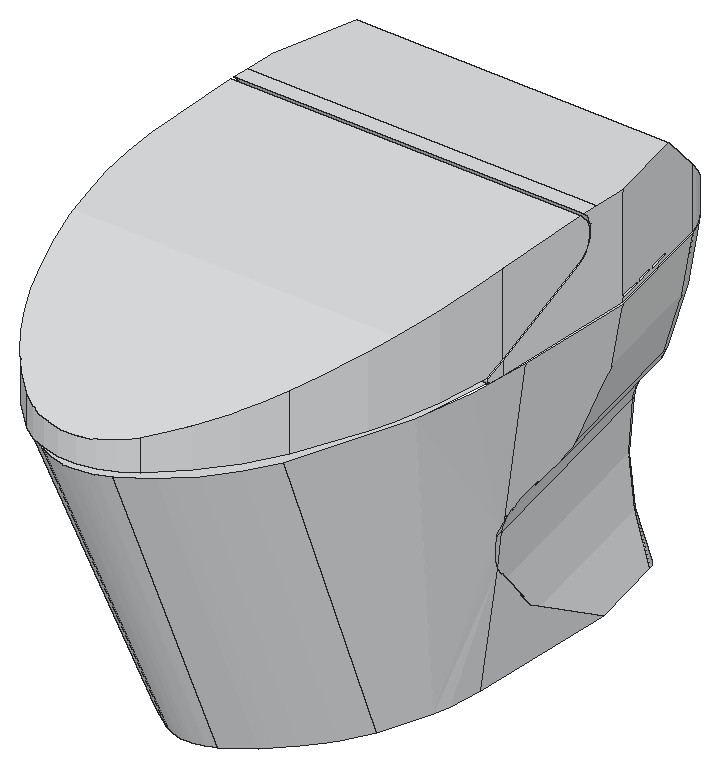
Revit family "918f47cc-9ef0-47f9-9d96-2d76202690ad", category Plumbing Fixtures, Revit 2014
Parameters
  Warranty Duration (Years) = 0
  Unit Width = 1' - 5 5/8"
  Unit Weight = 123.6
  Unit Height = 1' - 8 3/4"
  Unit Depth = 2' - 7 7/16"
  URL = "http://www.totousa.com/"
  Trap Seal = 0' - 2 1/16"
  Standards Conformance = "as Specified"
  Specification = ""
  SpecWizard = ""
  Send Message = ""
  Seat Height = 0' - 0"
  Sales Information = "http://www.totousa.com/about-toto/contact-us"
  Rough In Offset from Rear [instance] = 1' - 0"
  Revision = "R1_2016-12"
  Product Properties = ""
  Product Data = "http://www.arcat.com/arcatcos/cos36/arc36089.html"
  Piping_Water Flow [instance] = 0 GPM
  Piping_Entry Temperature [instance] = 86 °F
  Model = "As Specified"
  Manufacturer Website = "http://www.totousa.com/"
  Manufacturer Phone - Toll Free = "800-350-8686"
  Manufacturer Phone = "770-282-8686"
  Manufacturer Fax = "770-282-8697"
  Manufacturer Address = "1155 Southern Rd.  Morrow, GA 30260"
  Manufacturer = "TOTO USA"
  Maintenance Schedule (Months) = 0
  Keynote = "22 40 00"
  Installation-Fabrication = ""
  Installation Phase = ""
  Green Building-LEED = ""
  GPF Dual = 0.8
  GPF = 1
  Fixture Finish = Finish - TOTO - Cotton 01
  Expected Lifespan (Years) = 0
  Electrical_Wattage = 1300 W
  Electrical_Voltage = 120 V
  Electrical_Frequency = 60 Hz
  Drawn By = "Sumex Design, Inc. / Robert S. Weygant, CSI, CDT, SCIP"
  Description = ""
  Default Elevation = 0' - 0"
  Copyright = "©Arcat Inc."
  Construction Details = ""
  Available Options [instance] = "Water Supply Extension Kit"
  Assembly Code = "D2010110"
Reference planes (in)
  plane 1 "Center (Front/Back)": y = -1.90625
  plane 2 "Bottom": z = 0
  plane 3 "Center (Left/Right)": x = 0
  plane 4 "Front": y = -17.625
  plane 5 "Back": y = 13.8125
  plane 6 "Left": x = -8.8125
  plane 7 "Right": x = 8.8125
  plane 8 "Top": z = 20.75
  plane 9: y = 1.8125
Forms (in)
  Extrusion 1, solid
    sketch origin (0, 0, 0) x (1, 0, 0) y (0, 1, 0)
      loop
        circle (0, 1.8125) r 1.5
    from 0 to -1
  Extrusion 2, solid
    sketch origin (0, 0, 0) x (1, 0, 0) y (0, 1, 0)
      loop
        circle (-5.65625, 11.65625) r 0.5
    from 6.3458 to 9.4501
Dimensions and locks (in)
  equal spacing: plane 6 "Left", plane 3 "Center (Left/Right)", plane 7 "Right"
  "Unit Width": plane 6 "Left" to plane 7 "Right"
  equal spacing: plane 5 "Back", plane 1 "Center (Front/Back)", plane 4 "Front"
  "Unit Depth": plane 5 "Back" to plane 4 "Front"
  "Unit Height": plane 8 "Top" to level
  locked: Extrusion 1 sketch curve to plane 9 at 0
  locked: plane 3 "Center (Left/Right)" to Extrusion 1 sketch curve at 0
  "Rough In Offset from Rear": plane 5 "Back" to plane 9
Automatic sketch dimensions
  Extrusion 2 sketch curve to plane 5 "Back" = 0' - 2 5/32"
  plane 6 "Left" to Extrusion 2 sketch curve = 0' - 3 5/32"
  radius of Extrusion 1 sketch curve = 0' - 1 1/2"
  radius of Extrusion 2 sketch curve = 0' - 0 1/2"
Nested families (in)
  nested 1: "Neorest750H" at (0, -2.09375, 0), Toilet <- "Fixture Finish", type "Neorest 750H"
    with Toilet Finish - TOTO - Cotton 01
Connectors (in)
  piping at (0, 1.8125, 0), diameter 2.0625, driven by "Piping_Water Flow", driven by "Trap Seal"
    settings: on Extrusion 1, index 1, connector inside diameter 24", connector length 0' - 0", flow factor 0, pipe flow 0 GPM, pressure drop 0.00 psi, fitting loss kfactor 0, connector angle 0.00°, fixture units 0, engagement length 0' - 0", angle of deflection 0.00°, flow configuration 0, flow direction 2, fitting loss method 0, system type 16, joint type 0, gender type 0, connector reference index -1, connector utility 0, adjustable connector no, is connector primary yes, connector description ""
  piping at (-5.65625, 11.65625, 6.3458), diameter 0.5, driven by "Piping_Water Flow"
    settings: on Extrusion 2, index 2, connector inside diameter 24", connector length 0' - 0", flow factor 0, pipe flow 0 GPM, pressure drop 0.00 psi, fitting loss kfactor 0, connector angle 0.00°, fixture units 0, engagement length 0' - 0", angle of deflection 0.00°, flow configuration 0, flow direction 1, fitting loss method 0, system type 19, joint type 0, gender type 0, connector reference index -1, connector utility 0, adjustable connector no, is connector primary no, connector description ""
  electrical at (0, 2.86701, 0), driven by "Electrical_Voltage"
    settings: on nested 1, index 3, voltage 120 V, apparent load 0 VA, apparent load phase1 0 VA, apparent load phase2 0 VA, apparent load phase3 0 VA, power factor 1, load classification "Other", number of poles 1, system type 31, power factor state 1, is connector primary yes, connector utility no, sub classification motor no, connector description ""
Definition of nested family "Neorest750H"
  Parameters (values of type "Neorest 750H")
    Width = 1' - 5 5/8"
    Toilet [instance] = none
    Height = 1' - 8 3/4"
    Depth = 2' - 7 7/16"
    Base Width = 1' - 1 1/16"
    Base Depth = 2' - 0 13/16"
  Reference planes (in)
    plane 1 "Center (Front/Back)": y = 0
    plane 2: z = 0
    plane 3 "Center (Left/Right)": x = 0
    plane 4: x = -8.8125
    plane 5: y = -15.71875
    plane 6: x = 8.8125
    plane 7: y = 15.71875
    plane 8: z = 20.75
    plane 9: z = 15.5625
    plane 10: y = 16.40625
    plane 11: y = -8.40625
    plane 12: x = -6.53125
    plane 13: x = 6.53125
    plane 14: z = 19
    plane 15: x = 5.46875
    plane 16: x = -5.46875
    plane 17: z = 9.5625
    plane 18: z = 15.6875
  Forms (in)
    Blend 1, solid, material <- "Toilet"
      base sketch origin (0, 0, 0) x (1, 0, 0) y (0, 1, 0)
        loop
          arc (-5.53125, 16.40625) -> (-6.23836, 16.11336) -> (-6.53125, 15.40625) r 1
          line (-6.53125, 15.40625) -> (-6.53125, 2.15625)
          arc (-6.53125, 2.15625) -> (-6.26292, -0.50299) -> (-5.46875, -3.05502) r 13.31118
          arc (-5.46875, -3.05502) -> (-3.76321, -5.79245) -> (-1.30416, -7.87943) r 10.45024
          arc (-1.30416, -7.87943) -> (0, -8.24655) -> (1.30416, -7.87943) r 2.5
          arc (1.30416, -7.87943) -> (3.76321, -5.79245) -> (5.46875, -3.05502) r 10.45024
          arc (5.46875, -3.05502) -> (6.26292, -0.50299) -> (6.53125, 2.15625) r 13.31118
          line (6.53125, 2.15625) -> (6.53125, 15.40625)
          arc (6.53125, 15.40625) -> (6.23836, 16.11336) -> (5.53125, 16.40625) r 1
          line (5.53125, 16.40625) -> (-5.53125, 16.40625)
      top sketch origin (0, 0, 0) x (1, 0, 0) y (0, 1, 0)
        loop
          line (8.0625, 15.71875) -> (-8.0625, 15.71875)
          arc (-8.0625, 15.71875) -> (-8.59283, 15.49908) -> (-8.8125, 14.96875) r 0.75
          line (-8.8125, 14.96875) -> (-8.8125, 2.15625)
          arc (-8.8125, 2.15625) -> (-8.18337, -4.04401) -> (-6.32163, -9.99152) r 30.8673
          arc (-6.32163, -9.99152) -> (-4.46582, -12.91393) -> (-1.77929, -15.0973) r 10.7786
          arc (-1.77929, -15.0973) -> (0, -15.57173) -> (1.77929, -15.0973) r 3.57373
          arc (1.77929, -15.0973) -> (4.46582, -12.91393) -> (6.32163, -9.99152) r 10.7786
          arc (6.32163, -9.99152) -> (8.18337, -4.04401) -> (8.8125, 2.15625) r 30.8673
          line (8.8125, 2.15625) -> (8.8125, 14.96875)
          arc (8.8125, 14.96875) -> (8.59283, 15.49908) -> (8.0625, 15.71875) r 0.75
      from 0 to 15.5625
    Sweep 2, void
      path origin (0, 0, 0) x (1, 0, 0) y (0, 1, 0)
        loop
          arc (-8.8125, -4.96389) -> (-8.81873, -1.27517) -> (-8.2644, 2.37167) r 24.20624
          line (-8.2644, 2.37167) -> (-5.5795, 13.98954)
          arc (-5.5795, 13.98954) -> (-5.37348, 14.40445) -> (-5.00259, 14.68201) r 1
          arc (-5.00259, 14.68201) -> (0, 15.71875) -> (5.00259, 14.68201) r 12.58789
          arc (5.00259, 14.68201) -> (5.37348, 14.40445) -> (5.5795, 13.98954) r 1
          line (5.5795, 13.98954) -> (8.2644, 2.37167)
          arc (8.2644, 2.37167) -> (8.81873, -1.27517) -> (8.8125, -4.96389) r 24.20624
      profile origin (0, 15.71875, 0) x (0, 1, 0) y (0, 0, 1)
        loop
          arc (0.12942, 9.16166) -> (-0.44863, 8.41265) -> (-0.74644, 7.51462) r 2.82031
          arc (-0.74644, 7.51462) -> (-0.84667, 3.71028) -> (0, 0) r 15.22043
          line (0, 0) -> (4.40625, 0) -> (4.40625, 10.5) -> (4.40625, 15.5625) -> (1.8632, 15.5625)
          arc (1.8632, 15.5625) -> (1.41096, 12.70721) -> (0.62828, 9.92431) r 24.70425
          arc (0.62828, 9.92431) -> (0.4261, 9.51208) -> (0.12942, 9.16166) r 1.86698
    Extrusion 3, solid, material <- "Toilet"
      sketch origin (0, 0, 0) x (1, 0, 0) y (0, 1, 0)
        loop
          line (-7.39485, 14.40907) -> (-8.8125, 8.27473) -> (-8.8125, 0.65625)
          arc (-8.8125, 0.65625) -> (-8.23569, -4.74677) -> (-6.53125, -9.90625) r 25.59354
          arc (-6.53125, -9.90625) -> (-4.97666, -12.51026) -> (-2.879, -14.70056) r 13.47256
          arc (-2.879, -14.70056) -> (0, -15.74205) -> (2.879, -14.70056) r 4.5
          arc (2.879, -14.70056) -> (4.97666, -12.51026) -> (6.53125, -9.90625) r 13.47256
          arc (6.53125, -9.90625) -> (8.23569, -4.74677) -> (8.8125, 0.65625) r 25.59354
          line (8.8125, 0.65625) -> (8.8125, 8.27473) -> (7.39485, 14.40907)
          arc (7.39485, 14.40907) -> (7.13254, 15.10986) -> (6.69761, 15.71875) r 2.8632
          spline (6.69761, 15.71875) -> (6.64319, 15.73176) -> (6.58213, 15.7447) -> (6.51482, 15.75757) -> (6.44139, 15.77039) -> (6.36084, 15.78312) -> (6.27231, 15.79573) -> (6.17595, 15.80825) -> (6.07101, 15.82064) -> (5.95336, 15.83278) -> (5.82136, 15.8446) -> (5.67608, 15.85614) -> (5.51813, 15.86743)
          spline (5.51813, 15.86743) -> (5.35167, 15.87769) -> (5.17716, 15.88769) -> (4.99481, 15.89741) -> (4.80484, 15.90685) -> (4.60749, 15.91598) -> (4.40301, 15.9248) -> (4.19163, 15.9333) -> (3.97363, 15.94147) -> (3.74927, 15.94929) -> (3.51882, 15.95676) -> (3.28258, 15.96388) -> (3.04083, 15.97062)
          spline (3.04083, 15.97062) -> (2.5646, 15.98006) -> (2.06836, 15.98678) -> (1.55547, 15.99104) -> (1.03922, 15.99385) -> (0.51992, 15.99542) -> (-0.00076, 15.99593) -> (-0.52122, 15.99541) -> (-1.04053, 15.99384) -> (-1.55698, 15.99103) -> (-2.06959, 15.98677) -> (-2.56531, 15.98005) -> (-3.04083, 15.97062)
          spline (-3.04083, 15.97062) -> (-3.28258, 15.96388) -> (-3.51882, 15.95676) -> (-3.74927, 15.94929) -> (-3.97363, 15.94147) -> (-4.19163, 15.9333) -> (-4.40301, 15.9248) -> (-4.60749, 15.91598) -> (-4.80484, 15.90685) -> (-4.99481, 15.89741) -> (-5.17716, 15.88769) -> (-5.35167, 15.87769) -> (-5.51813, 15.86743)
          spline (-5.51813, 15.86743) -> (-5.67608, 15.85614) -> (-5.82136, 15.8446) -> (-5.95336, 15.83278) -> (-6.071, 15.82064) -> (-6.17596, 15.80825) -> (-6.27231, 15.79573) -> (-6.36104, 15.78312) -> (-6.4413, 15.77038) -> (-6.51482, 15.75757) -> (-6.58218, 15.7447) -> (-6.64321, 15.73176) -> (-6.69761, 15.71875)
          arc (-6.69761, 15.71875) -> (-7.13254, 15.10986) -> (-7.39485, 14.40907) r 2.8632
      from 15.6875 to 20.75
    Extrusion 4, void
      sketch origin (0, 0, 0) x (0, 1, 0) y (0, 0, 1)
        loop
          arc (-17.16615, 16.75) -> (-5.44302, 19.74302) -> (6.61417, 20.75) r 72.68791
          line (6.61417, 20.75) -> (-17.16615, 20.75) -> (-17.16615, 16.75)
      from -8.8125 to 8.8125
    Extrusion 5, void
      sketch origin (0, 0, 0) x (0, 1, 0) y (0, 0, 1)
        loop
          line (16.40625, 16.6875) -> (16.40625, 20.75) -> (12.34375, 20.75) -> (16.40625, 16.6875)
      from -8.8125 to 8.8125
    Extrusion 6, void
      sketch origin (0, 0, 0) x (0, 1, 0) y (0, 0, 1)
        loop
          arc (5.3374, 20.85872) -> (6.12512, 19.79002) -> (5.43541, 18.65559) r 1.19186
          line (5.43541, 18.65559) -> (-0.36795, 15.96727) -> (-16.11795, 15.96727) -> (-16.11795, 15.6875) -> (-0.17584, 15.6875)
          arc (-0.17584, 15.6875) -> (-0.23692, 15.803) -> (-0.17584, 15.9185) r 0.13974
          line (-0.17584, 15.9185) -> (5.48795, 18.54217)
          arc (5.48795, 18.54217) -> (6.24902, 19.65965) -> (5.62434, 20.85872) r 1.31686
          line (5.62434, 20.85872) -> (5.3374, 20.85872)
      from -8.8125 to 8.8125
    Extrusion 7, void
      sketch origin (0, 0, 0) x (0, 1, 0) y (0, 0, 1)
        loop
          line (12.06732, 15.97345) -> (10.79603, 15.97345) -> (10.79603, 15.81682) -> (12.06732, 15.81682) -> (12.06732, 15.97345)
        loop
          line (8.27473, 15.81682) -> (9.54603, 15.81682) -> (9.54603, 15.97345) -> (8.27473, 15.97345) -> (8.27473, 15.81682)
        loop
          line (9.67103, 15.97345) -> (9.67103, 15.81682) -> (10.67103, 15.81682) -> (10.67103, 15.97345) -> (9.67103, 15.97345)
      from 6.53125 to 8.8125
  Cuts and joins
    Sweep 2 cuts Blend 1
    Extrusion 4, Extrusion 5, Extrusion 6, Extrusion 7 cuts Extrusion 3
  Dimensions and locks (in)
    equal spacing: plane 4, plane 3 "Center (Left/Right)", plane 6
    equal spacing: plane 5, plane 1 "Center (Front/Back)", plane 7
    "Width": plane 4 to plane 6
    "Depth": plane 5 to plane 7
    "Height": plane 8 to level
    locked: plane 8 to plane 9 at 5.1875
    "Base Depth": plane 10 to plane 11
    equal spacing: plane 12, plane 3 "Center (Left/Right)", plane 13
    "Base Width": plane 12 to plane 13
    locked: plane 18 to plane 9 at 0.125
    aligned and locked: plane 2 to level
    aligned and locked: Blend 1 sketch curve to plane 10
    aligned and locked: Blend 1 sketch curve to plane 12
    aligned and locked: Blend 1 sketch curve to plane 13
    aligned and locked: Blend 1 sketch curve to plane 7
    aligned and locked: plane 9 to Blend 1
    aligned and locked: Blend 1 to level
    aligned and locked: plane 8 to Extrusion 3
    aligned and locked: Extrusion 4 to plane 4
    aligned and locked: Extrusion 4 to plane 6
    aligned and locked: Extrusion 5 to plane 6
    aligned and locked: Extrusion 5 to plane 4
    aligned and locked: Extrusion 6 to plane 6
    aligned and locked: Extrusion 6 to plane 4
    aligned and locked: Extrusion 7 to plane 13
    aligned and locked: Extrusion 7 to plane 6
  Automatic sketch dimensions
    Extrusion 5 sketch curve to plane 8 = 0' - 0"
    Extrusion 5 sketch curve to plane 10 = 0' - 0"
    plane 7 to Extrusion 5 sketch curve = 0' - 3 3/8"
    plane 18 to Extrusion 5 sketch curve = 0' - 1"
    plane 18 to Extrusion 7 sketch curve = 0' - 0.28595"
    plane 7 to Extrusion 7 sketch curve = 0' - 3.65143"
    plane 18 to Extrusion 7 sketch curve = 0' - 0.12932"  (x2)
    Extrusion 7 sketch curve to Extrusion 7 sketch curve = 0' - 1.3963"
    Extrusion 7 sketch curve to Extrusion 7 sketch curve = 0' - 1"
    Extrusion 7 sketch curve to Extrusion 7 sketch curve = 0' - 0 1/8"  (x2)
    Extrusion 7 sketch curve to Extrusion 7 sketch curve = 0' - 0.15663"
    Extrusion 7 sketch curve to Extrusion 7 sketch curve = 0' - 0"  (x2)
    Sweep 2 sketch curve to plane 4 = 0' - 0"
    Sweep 2 sketch curve to plane 3 "Center (Left/Right)" = 0' - 0"
    Sweep 2 sketch curve to plane 6 = 0' - 0"
    plane 1 "Center (Front/Back)" to Sweep 2 sketch curve = 0' - 3.07878"  (x2)
    Sweep 2 sketch curve to plane 4 = 0' - 6.50772"
    plane 4 to Sweep 2 sketch curve = 0' - 0.5481"
    plane 16 to Sweep 2 sketch curve = 0' - 0.11075"
    Sweep 2 sketch curve to plane 16 = 0' - 0.86357"
    Sweep 2 sketch curve to plane 15 = 0' - 0.86357"
    plane 15 to Sweep 2 sketch curve = 0' - 0.11075"
    plane 6 to Sweep 2 sketch curve = 0' - 0.5481"
    Sweep 2 sketch curve to plane 6 = 0' - 6.50772"
    Sweep 2 sketch curve to plane 1 "Center (Front/Back)" = 0' - 2.37167"  (x2)
    Sweep 2 sketch curve to plane 1 "Center (Front/Back)" = 0' - 3.13086"
    plane 7 to Sweep 2 sketch curve = 0' - 1.95438"  (x2)
    Sweep 2 sketch curve to Sweep 2 sketch curve = 0' - 0.22517"  (x2)
    Sweep 2 sketch curve to Sweep 2 sketch curve = 0' - 0"  (x3)
    Sweep 2 sketch curve to level = 0' - 0"
    Sweep 2 sketch curve to profile plane = 0' - 0"
    profile plane to Sweep 2 sketch curve = 0' - 1.13632"
    profile plane to Sweep 2 sketch curve = 1' - 10.72122"
    Sweep 2 sketch curve to profile plane = 0' - 1.8632"
    Sweep 2 sketch curve to profile plane = 0' - 2.04149"
    Sweep 2 sketch curve to Sweep 2 sketch curve = 0' - 2.54305"
    level to Sweep 2 sketch curve = 0' - 5.21475"
    Sweep 2 sketch curve to Sweep 2 sketch curve = 0' - 9.89298"
    level to Sweep 2 sketch curve = 0' - 7.08846"
    Sweep 2 sketch curve to Sweep 2 sketch curve = 0' - 3.41154"
    Sweep 2 sketch curve to Sweep 2 sketch curve = 0' - 3.01945"
    Sweep 2 sketch curve to Sweep 2 sketch curve = 0' - 5 1/16"
    level to Sweep 2 sketch curve = 1' - 5.99282"
    Blend 1 sketch curve to plane 16 = 0' - 0"  (x2)
    Blend 1 sketch curve to plane 3 "Center (Left/Right)" = 0' - 0"  (x2)
    Blend 1 sketch curve to plane 15 = 0' - 0"  (x2)
    Blend 1 sketch curve to Blend 1 sketch curve = 0' - 0.24868"
    plane 16 to Blend 1 sketch curve = 0' - 0 1/16"
    Blend 1 sketch curve to plane 16 = 0' - 1.3214"
    Blend 1 sketch curve to plane 15 = 0' - 1.3214"
    plane 15 to Blend 1 sketch curve = 0' - 0 1/16"
    plane 13 to Blend 1 sketch curve = 0' - 0.24868"
    Blend 1 sketch curve to plane 1 "Center (Front/Back)" = 0' - 2 5/32"  (x3)
    Blend 1 sketch curve to Blend 1 sketch curve = 0' - 0"  (x5)
    plane 11 to Blend 1 sketch curve = 0' - 2.6597"
    Extrusion 3 sketch curve to plane 4 = 0' - 0"
    plane 7 to Extrusion 3 sketch curve = 0' - 0"  (x2)
    Extrusion 3 sketch curve to plane 12 = 0' - 0"  (x2)
    Extrusion 3 sketch curve to plane 3 "Center (Left/Right)" = 0' - 0"
    Extrusion 3 sketch curve to plane 13 = 0' - 0"  (x2)
    Extrusion 3 sketch curve to plane 6 = 0' - 0"
    Extrusion 3 sketch curve to plane 1 "Center (Front/Back)" = 0' - 0 21/32"  (x2)
    Extrusion 3 sketch curve to plane 4 = 0' - 7.96854"
    Extrusion 3 sketch curve to plane 12 = 0' - 0.8636"
    Extrusion 3 sketch curve to plane 12 = 0' - 0.16636"
    plane 16 to Extrusion 3 sketch curve = 0' - 0.27169"
    plane 16 to Extrusion 3 sketch curve = 0' - 0.04938"
    Extrusion 3 sketch curve to plane 16 = 0' - 0.86357"
    Extrusion 3 sketch curve to plane 7 = 0' - 0.25187"
    Extrusion 3 sketch curve to plane 16 = 0' - 2.42792"
    Extrusion 3 sketch curve to plane 15 = 0' - 2.42792"
    Extrusion 3 sketch curve to plane 15 = 0' - 0.86357"
    plane 15 to Extrusion 3 sketch curve = 0' - 0.04938"
    plane 15 to Extrusion 3 sketch curve = 0' - 0.27169"
    plane 13 to Extrusion 3 sketch curve = 0' - 0.16636"
    plane 13 to Extrusion 3 sketch curve = 0' - 0.8636"
    Extrusion 3 sketch curve to plane 6 = 0' - 7.96854"
    Extrusion 3 sketch curve to plane 11 = 0' - 2.8358"
    plane 7 to Extrusion 3 sketch curve = 0' - 7.44402"  (x2)
    Extrusion 3 sketch curve to Extrusion 3 sketch curve = 0' - 2.20625"  (x2)
    Extrusion 3 sketch curve to plane 7 = 0' - 0.14868"  (x2)
    plane 7 to Extrusion 3 sketch curve = 0' - 0.0555"  (x2)
    Extrusion 3 sketch curve to Extrusion 3 sketch curve = 0' - 0.26116"
    Extrusion 3 sketch curve to Extrusion 3 sketch curve = 0' - 0"
    Extrusion 3 sketch curve to plane 3 "Center (Left/Right)" = 0' - 1.19002"
    Extrusion 4 sketch curve to plane 8 = 0' - 0"
    Extrusion 4 sketch curve to plane 5 = 0' - 1.4474"
    Extrusion 4 sketch curve to plane 1 "Center (Front/Back)" = 0' - 6.61417"
    Extrusion 4 sketch curve to level = 4' - 3.93791"
    Extrusion 7 sketch curve to Extrusion 7 sketch curve = 0' - 1.2713"
    Blend 1 sketch curve to plane 4 = 0' - 0"
    Blend 1 sketch curve to plane 6 = 0' - 0"
    Blend 1 sketch curve to plane 4 = 1' - 1.2423"
    plane 4 to Blend 1 sketch curve = 0' - 0 3/4"
    Blend 1 sketch curve to plane 16 = 0' - 1.88157"
    Blend 1 sketch curve to plane 15 = 0' - 1.88157"
    Blend 1 sketch curve to Blend 1 sketch curve = 0' - 0 3/4"
    Blend 1 sketch curve to plane 6 = 1' - 1.2423"
    plane 11 to Blend 1 sketch curve = 0' - 2.65663"  (x2)
    Blend 1 sketch curve to plane 11 = 0' - 3.59176"
    Extrusion 6 sketch curve to Extrusion 6 sketch curve = 0' - 0"  (x2)
    Extrusion 6 sketch curve to plane 18 = 0' - 0"
    plane 1 "Center (Front/Back)" to Extrusion 6 sketch curve = 0' - 0.17584"  (x2)
    plane 1 "Center (Front/Back)" to Extrusion 6 sketch curve = 0' - 0.09718"
    plane 14 to Extrusion 6 sketch curve = 0' - 0.73705"
    Extrusion 6 sketch curve to plane 1 "Center (Front/Back)" = 0' - 4.93444"
    plane 8 to Extrusion 6 sketch curve = 0' - 0.10872"
    Extrusion 6 sketch curve to Extrusion 6 sketch curve = 0' - 0.40296"
    Extrusion 6 sketch curve to plane 14 = 0' - 0.34441"
    Extrusion 6 sketch curve to plane 14 = 0' - 0.45783"
    Extrusion 6 sketch curve to Extrusion 6 sketch curve = 0' - 0.05254"
    plane 18 to Extrusion 6 sketch curve = 0' - 0.1155"
    Extrusion 6 sketch curve to plane 5 = 0' - 0.3992"
    Extrusion 6 sketch curve to Extrusion 6 sketch curve = 0' - 0.19211"
    Extrusion 6 sketch curve to Extrusion 6 sketch curve = 0' - 0.27977"
